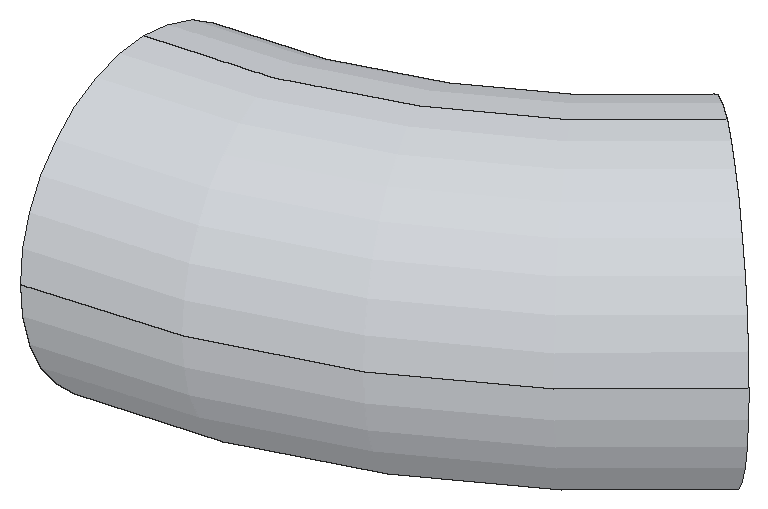
Revit family "M_Cotovelo redondo", category Conexões de duto, Revit 2019
Family settings
  Cota do conector redondo = Usar raio
  Tipo de parte = Cotovelo
  Número OmniClass = 23.75.70.14
  Título OmniClass = Air Ductwork
  ID de item do Seek = Round Elbow-0000-CAN-ENU
  Com base no plano de trabalho = Não
  Sempre na vertical = Sim
  Corte com vazios quando carregada = Não
  Compartilhado = Não
Parameters (values of type "2 D")
  Multiplicador de raio = 2
  Raio do duto [instance] = 150 mm
  Comprimento1 [instance] = Raio do centro * tan(Ângulo / 2)  # 248.528 mm
  Raio do centro [instance] = Multiplicador de raio * Raio do duto * 2  # 600 mm
  Assembly Code = ""
  Ângulo [instance] = 45.00°
Types (3, lengths in mm): name | Multiplicador de raio | Comprimento1 | Raio do centro
  1.5 D | 1.5 | 186.396 | 450
  1 D | 1 | 124.264 | 300
  2 D | 2 | 248.528 | 600
Reference planes
  plane 1 "Centro (Frente/Trás)": y = 0
  plane 2: z = 0
  plane 3 "Centro (Esquerda/Direita)": x = 0
  plane 4: y = 600
  plane 5: x = -248.528
Forms (mm)
  Sweep 1, solid, detail levels medium+fine
    path in 3D
      loop
        arc (-248.528, 0, 0) -> (-18.918, 45.672, 0) -> (175.736, 175.736, 0) r 600
    profile "M_Duto - Redondo : Duto - Redondo" origin (-18.918, 45.672, 0) x (-0.382683, 0.92388, 0) y (0, 0, 1)
      loop
        arc (-150, 0) -> (-106.066, -106.066) -> (0, -150) r 150
        arc (0, -150) -> (106.066, -106.066) -> (150, 0) r 150
        arc (150, 0) -> (106.066, 106.066) -> (0, 150) r 150
        arc (0, 150) -> (-106.066, 106.066) -> (-150, 0) r 150
Lines and regions (mm)
  reference lines
    curve 1: line (-248.528, 0, 0) -> (0, 0, 0)
    curve 2: line (0, 0, 0) -> (175.736, 175.736, 0)
    curve 3: arc (-248.528, 0, 0) -> (-18.918, 45.672, 0) -> (175.736, 175.736, 0) r 600
    curve 4: line (-248.528, 600, 0) -> (175.736, 175.736, 0)
    curve 7: line (-248.528, 600, 0) -> (-248.528, 0, 0)
  sketch lines
    curve 5: arc (-248.528, 0, 0) -> (-18.918, 45.672, 0) -> (175.736, 175.736, 0) r 600
  model lines, style "DuctFitting", detail levels coarse
    curve 6: arc (-248.528, 0, 0) -> (-18.918, 45.672, 0) -> (175.736, 175.736, 0) r 600
Dimensions and locks
  "Comprimento1": plane 5 to plane 3 "Centro (Esquerda/Direita)"
  "Raio do centro": plane 1 "Centro (Frente/Trás)" to plane 4
  "Ângulo": angle curve 6 to curve 6
  "Ângulo": angle curve 7 to curve 4
  aligned and locked: plane 1 "Centro (Frente/Trás)" to curve 1
  aligned and locked: plane 3 "Centro (Esquerda/Direita)" to curve 1
  aligned and locked: plane 5 to curve 1
  aligned and locked: plane 4 to curve 3
  aligned and locked: plane 5 to curve 3
  aligned and locked: curve 6 to curve 3
  aligned and locked: plane 5 to curve 6
  aligned and locked: curve 7 to plane 5
Automatic sketch dimensions
  curve 4 to plane 4 = 0 mm
Connectors
  hvac at (-248.528, 0, 0), driven by "Ângulo", driven by "Raio do duto"
    settings: on Sweep 1, index 1, duct flow 0.0 L/s, flow factor 0, pres drop 0.0 Pa, loss coef 0, conn angle 45.00°, conn width 304.8 mm, conn height 304.8 mm, conn diameter 300 mm, duct sys type 28, conn prof type 0, flow config 0, flow direction 0, loss method 0, conn ref index 2, conn util no, is conn primary yes, conn desc ""
  hvac at (175.736, 175.736, 0), driven by "Ângulo", driven by "Raio do duto"
    settings: on Sweep 1, index 2, duct flow 0.0 L/s, flow factor 0, pres drop 0.0 Pa, loss coef 0, conn angle 45.00°, conn width 304.8 mm, conn height 304.8 mm, conn diameter 300 mm, duct sys type 28, conn prof type 0, flow config 0, flow direction 0, loss method 0, conn ref index 1, conn util no, is conn primary no, conn desc ""
